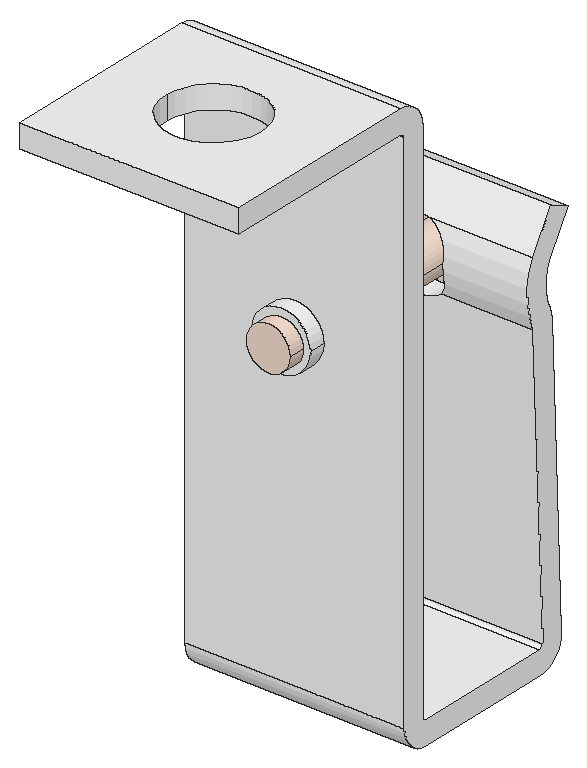
Revit family "rphanger4_c40x20", category 機械設備, Revit 2022
Family settings
  丸型コネクタ寸法 = 直径を使用
  種別 = なし
  パーツ タイプ = 標準
  作業面ベース = いいえ
  常に垂直 = はい
  ロード時にボイドで切り取り = いいえ
  注釈の向きを維持 = いいえ
  共有 = いいえ
  部屋計算ポイント = いいえ
Parameters
  製造元 = "株式会社桐井製作所"
  既定の高さ = 0 mm
  URL = "https://www.kirii.co.jp/"
  K_板厚(mm) = 3.2 mm
  K_材質 = "SGHC一般用"
  K_品名 = "RPハンガー4分用(C40×20)"
  K_名称 = "耐震ハンガー"
  K_入数 = "100"
  K_バージョン情報 = "20211216"
  K_めっき付着量 = "Z12"
  K_JIS規格 = "JIS G 3302"
Reference planes
  plane 1 "中心(正面/背面)": y = 0
  plane 2: z = 0
  plane 3 "中心(左/右)": x = 0
Forms (mm)
  Extrusion 1, solid
    sketch origin (-15, 0, -3.2) x (0, 1, 0) y (0, 0, 1)
      loop
        arc (11.857, 43) -> (11.763, 43.7) -> (11.541, 44.37) r 3.795
        arc (11.541, 44.37) -> (10.837, 47.445) -> (11.494, 50.531) r 7.312
        line (11.494, 50.531) -> (14.549, 55.617) -> (11.638, 56.943) -> (8.578, 51.848)
        arc (8.578, 51.848) -> (7.637, 47.406) -> (8.657, 42.981) r 10.512
        line (8.657, 42.981) -> (10.249, 3.7)
        arc (10.249, 3.7) -> (10.102, 3.346) -> (9.749, 3.2) r 0.5
        line (9.749, 3.2) -> (-9.751, 3.2)
        arc (-9.751, 3.2) -> (-10.105, 3.346) -> (-10.251, 3.7) r 0.5
        line (-10.251, 3.7) -> (-10.251, 76.3)
        arc (-10.251, 76.3) -> (-11.335, 78.916) -> (-13.951, 80) r 3.7
        line (-13.951, 80) -> (-41.7, 80) -> (-41.7, 76.8) -> (-13.951, 76.8)
        arc (-13.951, 76.8) -> (-13.598, 76.654) -> (-13.451, 76.3) r 0.5
        line (-13.451, 76.3) -> (-13.451, 3.7)
        arc (-13.451, 3.7) -> (-12.368, 1.084) -> (-9.751, 0) r 3.7
        line (-9.751, 0) -> (9.749, 0)
        arc (9.749, 0) -> (12.365, 1.084) -> (13.449, 3.7) r 3.7
        line (13.449, 3.7) -> (11.857, 43)
    from 0 to 30
  Extrusion 2, void
    sketch origin (0, 0, -1.4) x (1, 0, 0) y (0, 0, 1)
      loop
        arc (3.5, 46.695) -> (0, 50.2) -> (-3.5, 46.695) r 3.5
        line (-3.5, 46.695) -> (-3.5, 43.695)
        arc (-3.5, 43.695) -> (0, 40.2) -> (3.5, 43.695) r 3.5
        line (3.5, 43.695) -> (3.5, 46.695)
    from -12.82 to -7.027
  Extrusion 3, void
    sketch origin (0, -9.45, -1.403) x (0, 0, -1) y (1, 0, 0)
      loop
        circle (-45.27, 0.008) r 3
    from 0.801 to 6.301
  Extrusion 4, void
    sketch origin (0, -4.553, 0) x (1, 0, 0) y (0, 1, 0)
      loop
        circle (0, -22.699) r 6.5
    from 73.6 to 76.8
  Extrusion 5, solid
    sketch origin (0.008, -13.451, -1.333) x (0, 0, -1) y (1, 0, 0)
      loop
        circle (-45.2, 0) r 3
      loop
        circle (-45.2, 0) r 4
    from 0 to 2.3
Cuts and joins
  Extrusion 2, Extrusion 3, Extrusion 4 cuts Extrusion 1
  joined: Extrusion 1, Extrusion 5
Dimensions and locks
  aligned and locked: level to plane 2
Nested families
  nested 1: "M6×30ボルト" at (-0.003, 12.105, 44.067) x (-1, 0, 0) z (0, 0, 1), type "M6×30ボルト"
Definition of nested family "M6×30ボルト"
  Parameters (values of type "M6×30ボルト")
    Manufacturer = "株式会社桐井製作所"
    Default Elevation = 0 mm
    URL = "https://www.kirii.co.jp/"
    K_材料規格 = "M6×L30"
    K_品名 = "M6×30ボルト"
    K_名称 = "ボルト"
  Reference planes
    plane 1 "中心(正面/背面)": y = 0
    plane 2: z = 0
    plane 3 "中心(左/右)": x = 0
    plane 4: x = 10
    plane 5: x = -10
    plane 6 "正面": y = -4
  Forms (mm)
    Extrusion 1, solid
      sketch origin (0, 0, 0) x (1, 0, 0) y (0, 0, 1)
        loop
          line (-4.763, -2.946) -> (0, -5.696) -> (4.763, -2.946) -> (4.763, 2.554) -> (0, 5.304) -> (-4.763, 2.554) -> (-4.763, -2.946)
      from 0 to 4
    Extrusion 2, void
      sketch origin (0, -4, 0) x (-1, 0, 0) y (0, 0, 1)
        loop
          circle (0, -0.156) r 4.396
      from 0 to 1
    Extrusion 3, void
      sketch origin (0, -4, 0) x (-1, 0, 0) y (0, 0, 1)
        loop
          arc (-0.6, 1.814) -> (-1.069, 0.856) -> (-2.036, 0.404) r 1.605
          line (-2.036, 0.404) -> (-2.939, 0.404)
          arc (-2.939, 0.404) -> (-3, -0.195) -> (-2.94, -0.795) r 3
          line (-2.94, -0.795) -> (-2.049, -0.795)
          arc (-2.049, -0.795) -> (-1.074, -1.243) -> (-0.6, -2.206) r 1.605
          line (-0.6, -2.206) -> (-0.6, -3.135)
          arc (-0.6, -3.135) -> (0, -3.196) -> (0.6, -3.135) r 3
          line (0.6, -3.135) -> (0.6, -2.206)
          arc (0.6, -2.206) -> (1.074, -1.243) -> (2.049, -0.795) r 1.605
          line (2.049, -0.795) -> (2.94, -0.795)
          arc (2.94, -0.795) -> (3, -0.198) -> (2.941, 0.398) r 3
          line (2.941, 0.398) -> (2.117, 0.398)
          arc (2.117, 0.398) -> (1.098, 0.828) -> (0.6, 1.814) r 1.605
          line (0.6, 1.814) -> (0.6, 2.743)
          arc (0.6, 2.743) -> (0, 2.804) -> (-0.6, 2.743) r 3
          line (-0.6, 2.743) -> (-0.6, 1.814)
      from 0 to 2
    Extrusion 4, solid
      sketch origin (0, 0, 0) x (1, 0, 0) y (0, 0, 1)
        loop
          circle (-0.011, -0.2) r 3
      from 0 to -30
  Cuts and joins
    Extrusion 2, Extrusion 3 cuts Extrusion 1
    joined: Extrusion 1, Extrusion 4
  Dimensions and locks
    aligned and locked: level to plane 2
